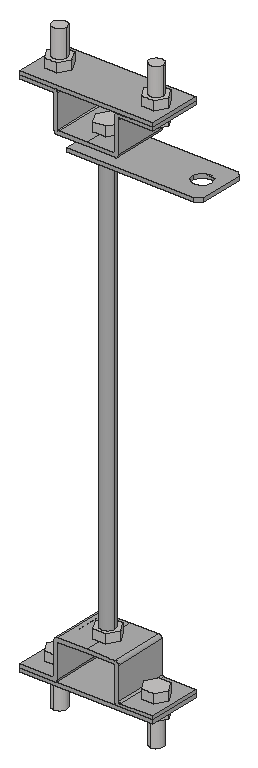
Revit family "FA_ТочкаЗаземления_EZETEK", category Системы пожарной сигнализации, Revit 2017
Family settings
  Сохранять ориентацию аннотаций = Нет
  Размер круглого соединителя = Использовать радиус
  Тип детали = Нормальный
  На основе рабочей плоскости = Нет
  Всегда вертикально = Да
  При загрузке вырезать с полостями = Нет
  Общий = Да
  Точка расчета площади = Нет
Parameters (values of type "ТочкаЗаземления_41515")
  Угол = 90.00°  # constant formula
  Сместить [instance] = yes
  Производитель_Контакты = "ezetek@ezetek.ru"  # constant formula
  Описание = "Точка заземления применяется для прохождения проводников уравнивания потенциалов сквозь стену из бетона, либо негорючего материала, стен фундаментов, стационарных бассейнов, а также для одновременного подключения арматуры здания к системе уравнивания потенциалов."  # constant formula
  Использовать масштаб аннотаций [instance] = 1 = 0  # 0
  Изготовитель = "Ezetek"  # constant formula
  Группа модели = "Коробки и шины уравнивания потенциалов"  # constant formula
  URL = "https://ezetek.ru/"
  ADSK_Этаж [instance] = ""
  ADSK_Примечание [instance] = ""
  ADSK_Позиция [instance] = ""
  ADSK_Обозначение = "41515"
  ADSK_Наименование краткое [instance] = "Точка заземления"
  ADSK_Наименование = "Точка заземления межстеновая 200-300 мм"
  ADSK_Материал = BIMLIB_Сталь_Оцинкованная_EZETEK
  ADSK_Масса_Текст = "0.36"  # constant formula
  ADSK_Масса = 0.36  # constant formula
  ADSK_Марка = "41515"
  ADSK_Количество = 1  # constant formula
  ADSK_Код изделия = "41515"
  ADSK_Завод-изготовитель = "Ezetek"  # constant formula
  ADSK_Единица измерения = "шт."  # constant formula
  ADSK_Группирование [instance] = ""
  ADSK_Версия Revit = "2017"  # constant formula
Reference planes
  plane 1 "По центру (Вперед/Назад)": y = 0
  plane 2: z = 0
  plane 3 "По центру (Влево/Вправо)": x = 0
  plane 4: z = 1
  plane 5: z = -1
  plane 6 "M": y = 0
  plane 7: x = 0
  plane 8: x = -36.875
  plane 9: x = 36.875
  plane 10: x = 26.938
  plane 11: x = -26.938
  plane 12: z = -299
  plane 13: y = 15
  plane 14: y = -15
  plane 15: z = -23.4
  plane 16: z = -319
  plane 17: z = 21
  plane 18: z = -28.4
  plane 19: z = -30.4
Forms (mm)
  Extrusion 1, solid, material "BIMLIB_Сталь_Оцинкованная_EZETEK" <- "ADSK_Материал", detail levels fine
    sketch origin (0, 0, 0) x (1, 0, 0) y (0, 1, 0)
      loop
        line (-36.875, 15) -> (-36.875, -15) -> (36.875, -15) -> (36.875, 15) -> (-36.875, 15)
    from 1 to -1
  Extrusion 2, solid, material "BIMLIB_Сталь_Нержавеющая_EZETEK", detail levels fine
    sketch origin (-67, 0, 0) x (-1, 0, 0) y (0, -1, 0)
      loop
        circle (-40.062, 0) r 3.9
    from 21 to 6
  Extrusion 3, solid, material "BIMLIB_Сталь_Нержавеющая_EZETEK", detail levels fine
    sketch origin (67, 0, 0) x (1, 0, 0) y (0, 1, 0)
      loop
        circle (-40.063, 0) r 3.9
    from 21 to 6
  Extrusion 4, solid, material "BIMLIB_Сталь_Оцинкованная_EZETEK" <- "ADSK_Материал", detail levels fine
    sketch origin (0, 0, 0) x (1, 0, 0) y (0, 1, 0)
      loop
        circle (0, 0) r 4.007
    from -28.4 to -269.6
  Extrusion 5, solid, material "BIMLIB_Сталь_Нержавеющая_EZETEK", detail levels fine
    sketch origin (0, 0, -2) x (1, 0, 0) y (0, 1, 0)
      loop
        line (-30.391, -5.982) -> (-23.484, -5.982) -> (-20.03, 0) -> (-23.484, 5.982) -> (-30.391, 5.982) -> (-33.845, 0) -> (-30.391, -5.982)
    from 3 to 8
  Extrusion 6, solid, material "BIMLIB_Сталь_Оцинкованная_EZETEK" <- "ADSK_Материал", detail levels fine
    sketch origin (0, 0, 0) x (1, 0, 0) y (0, 0, 1)
      loop
        arc (17.932, -3.924) -> (18.203, -3.271) -> (18.856, -3) r 0.924
        line (18.856, -3) -> (36.875, -3) -> (36.875, -1) -> (17.682, -1)
        arc (17.682, -1) -> (16.445, -1.513) -> (15.932, -2.75) r 1.75
        line (15.932, -2.75) -> (15.932, -20.827)
        arc (15.932, -20.827) -> (15.764, -21.232) -> (15.359, -21.4) r 0.573
        line (15.359, -21.4) -> (0, -21.4) -> (-15.359, -21.4)
        arc (-15.359, -21.4) -> (-15.764, -21.232) -> (-15.932, -20.827) r 0.573
        line (-15.932, -20.827) -> (-15.932, -2.75)
        arc (-15.932, -2.75) -> (-16.445, -1.513) -> (-17.682, -1) r 1.75
        line (-17.682, -1) -> (-36.875, -1) -> (-36.875, -3) -> (-18.856, -3)
        arc (-18.856, -3) -> (-18.203, -3.271) -> (-17.932, -3.924) r 0.924
        line (-17.932, -3.924) -> (-17.932, -21.536)
        arc (-17.932, -21.536) -> (-17.387, -22.854) -> (-16.069, -23.4) r 1.864
        line (-16.069, -23.4) -> (0, -23.4) -> (16.069, -23.4)
        arc (16.069, -23.4) -> (17.387, -22.854) -> (17.932, -21.536) r 1.864
        line (17.932, -21.536) -> (17.932, -3.924)
    from 15 to -15
  Extrusion 7, solid, material "BIMLIB_Сталь_Нержавеющая_EZETEK", detail levels fine
    sketch origin (0, 0, -2) x (-1, 0, 0) y (0, -1, 0)
      loop
        line (-30.391, 5.982) -> (-33.845, 0) -> (-30.391, -5.982) -> (-23.484, -5.982) -> (-20.03, 0) -> (-23.484, 5.982) -> (-30.391, 5.982)
    from 3 to 8
  Extrusion 8, solid, material "BIMLIB_Сталь_Нержавеющая_EZETEK", detail levels fine
    sketch origin (0, 0, -11) x (1, 0, 0) y (0, 1, 0)
      loop
        line (-30.391, -5.982) -> (-23.484, -5.982) -> (-20.03, 0) -> (-23.484, 5.982) -> (-30.391, 5.982) -> (-33.845, 0) -> (-30.391, -5.982)
    from 3 to 8
  Extrusion 9, solid, material "BIMLIB_Сталь_Нержавеющая_EZETEK", detail levels fine
    sketch origin (0, 0, -11) x (-1, 0, 0) y (0, -1, 0)
      loop
        line (-30.391, 5.982) -> (-33.845, 0) -> (-30.391, -5.982) -> (-23.484, -5.982) -> (-20.03, 0) -> (-23.484, 5.982) -> (-30.391, 5.982)
    from 3 to 8
  Extrusion 10, solid, material "BIMLIB_Сталь_Оцинкованная_EZETEK" <- "ADSK_Материал", detail levels fine
    sketch origin (0, 0, -298) x (0, -1, 0) y (1, 0, 0)
      loop
        line (-15, -36.875) -> (15, -36.875) -> (15, 36.875) -> (-15, 36.875) -> (-15, -36.875)
    from 1 to -1
  Extrusion 11, solid, material "BIMLIB_Сталь_Оцинкованная_EZETEK" <- "ADSK_Материал", detail levels fine
    sketch origin (0, 0, -298) x (1, 0, 0) y (0, 0, 1)
      loop
        line (17.932, 3.924) -> (17.932, 21.536)
        arc (17.932, 21.536) -> (17.387, 22.854) -> (16.069, 23.4) r 1.864
        line (16.069, 23.4) -> (0, 23.4) -> (-16.069, 23.4)
        arc (-16.069, 23.4) -> (-17.387, 22.854) -> (-17.932, 21.536) r 1.864
        line (-17.932, 21.536) -> (-17.932, 3.924)
        arc (-17.932, 3.924) -> (-18.203, 3.271) -> (-18.856, 3) r 0.924
        line (-18.856, 3) -> (-36.875, 3) -> (-36.875, 1) -> (-17.682, 1)
        arc (-17.682, 1) -> (-16.445, 1.513) -> (-15.932, 2.75) r 1.75
        line (-15.932, 2.75) -> (-15.932, 20.827)
        arc (-15.932, 20.827) -> (-15.764, 21.232) -> (-15.359, 21.4) r 0.573
        line (-15.359, 21.4) -> (0, 21.4) -> (15.359, 21.4)
        arc (15.359, 21.4) -> (15.764, 21.232) -> (15.932, 20.827) r 0.573
        line (15.932, 20.827) -> (15.932, 2.75)
        arc (15.932, 2.75) -> (16.445, 1.513) -> (17.682, 1) r 1.75
        line (17.682, 1) -> (36.875, 1) -> (36.875, 3) -> (18.856, 3)
        arc (18.856, 3) -> (18.203, 3.271) -> (17.932, 3.924) r 0.924
    from 15 to -15
  Extrusion 12, solid, material "BIMLIB_Сталь_Нержавеющая_EZETEK", detail levels fine
    sketch origin (26, 0, -254.1) x (0, -1, 0) y (1, 0, 0)
      loop
        line (-5.982, -29.454) -> (0, -32.907) -> (5.982, -29.454) -> (5.982, -22.546) -> (0, -19.093) -> (-5.982, -22.546) -> (-5.982, -29.454)
    from -20.5 to -15.5
  Extrusion 13, solid, material "BIMLIB_Сталь_Нержавеющая_EZETEK", detail levels fine
    sketch origin (26, 0, -254.1) x (0, -1, 0) y (1, 0, 0)
      loop
        line (-5.982, -29.454) -> (0, -32.907) -> (5.982, -29.454) -> (5.982, -22.546) -> (0, -19.093) -> (-5.982, -22.546) -> (-5.982, -29.454)
    from -27.5 to -22.5
  Extrusion 14, solid, material "BIMLIB_Сталь_Нержавеющая_EZETEK", detail levels fine
    sketch origin (0, 0, -307) x (0, -1, 0) y (1, 0, 0)
      loop
        line (5.982, -30.391) -> (5.982, -23.484) -> (0, -20.03) -> (-5.982, -23.484) -> (-5.982, -30.391) -> (0, -33.845) -> (5.982, -30.391)
    from 3 to 8
  Extrusion 15, solid, material "BIMLIB_Сталь_Нержавеющая_EZETEK", detail levels fine
    sketch origin (0, 0, -307) x (0, 1, 0) y (-1, 0, 0)
      loop
        line (-5.982, -30.391) -> (0, -33.845) -> (5.982, -30.391) -> (5.982, -23.484) -> (0, -20.03) -> (-5.982, -23.484) -> (-5.982, -30.391)
    from 3 to 8
  Extrusion 16, solid, material "BIMLIB_Сталь_Нержавеющая_EZETEK", detail levels fine
    sketch origin (0, 0, -298) x (0, -1, 0) y (1, 0, 0)
      loop
        line (5.982, -30.391) -> (5.982, -23.484) -> (0, -20.03) -> (-5.982, -23.484) -> (-5.982, -30.391) -> (0, -33.845) -> (5.982, -30.391)
    from 3 to 8
  Extrusion 17, solid, material "BIMLIB_Сталь_Нержавеющая_EZETEK", detail levels fine
    sketch origin (0, 0, -298) x (0, 1, 0) y (-1, 0, 0)
      loop
        line (-5.982, -30.391) -> (0, -33.845) -> (5.982, -30.391) -> (5.982, -23.484) -> (0, -20.03) -> (-5.982, -23.484) -> (-5.982, -30.391)
    from 3 to 8
  Extrusion 18, solid, material "BIMLIB_Сталь_Нержавеющая_EZETEK", detail levels fine
    sketch origin (-67, 0, -317) x (0, 1, 0) y (-1, 0, 0)
      loop
        circle (0, -40.062) r 3.9
    from 13 to -2
  Extrusion 19, solid, material "BIMLIB_Сталь_Нержавеющая_EZETEK", detail levels fine
    sketch origin (67, 0, -317) x (0, -1, 0) y (1, 0, 0)
      loop
        circle (0, -40.063) r 3.9
    from 13 to -2
  Extrusion 20, solid, material "BIMLIB_Сталь_Нержавеющая_EZETEK", detail levels fine
    sketch origin (26, 0, -0.9) x (1, 0, 0) y (0, 1, 0)
      loop
        line (-29.454, 5.982) -> (-32.907, 0) -> (-29.454, -5.982) -> (-22.546, -5.982) -> (-19.093, 0) -> (-22.546, 5.982) -> (-29.454, 5.982)
    from -20.5 to -15.5
  Extrusion 21, solid, material "BIMLIB_Сталь_Нержавеющая_EZETEK", detail levels fine
    sketch origin (26, 0, -0.9) x (1, 0, 0) y (0, 1, 0)
      loop
        line (-29.454, 5.982) -> (-32.907, 0) -> (-29.454, -5.982) -> (-22.546, -5.982) -> (-19.093, 0) -> (-22.546, 5.982) -> (-29.454, 5.982)
    from -27.5 to -22.5
  Extrusion 22, solid, material "BIMLIB_Сталь_Оцинкованная_EZETEK" <- "ADSK_Материал", detail levels fine
    sketch origin (0, 0, 0) x (1, 0, 0) y (0, 1, 0)
      loop
        line (-10.932, 15) -> (-10.932, -15) -> (60.085, -15) -> (63.068, -12.017) -> (63.068, 12.001) -> (60.068, 15) -> (-10.932, 15)
      loop
        circle (52.623, 0) r 5.3
    from -28.4 to -30.4
Dimensions and locks
  locked: plane 2 to plane 5 at 1
  locked: plane 4 to plane 2 at 1
  plane 4 to plane 5 = 2 mm
  plane 8 to plane 9 = 73.75 mm
  locked: plane 8 to plane 9 at 73.75
  equal spacing: plane 14, plane 1 "По центру (Вперед/Назад)", plane 13
  locked: plane 14 to plane 13 at 30
  equal spacing: plane 8, plane 3 "По центру (Влево/Вправо)", plane 9
  locked: plane 11 to plane 10 at 53.875
  equal spacing: plane 11, plane 3 "По центру (Влево/Вправо)", plane 10
  locked: plane 5 to plane 15 at 22.4
  plane 4 to plane 12 = 300 mm
  locked: plane 17 to plane 16 at 340
  Extrusion 11 to Extrusion 10 = 22.4 mm
  plane 11 to plane 10 = 53.875 mm
  locked: plane 15 to plane 18 at 5
  locked: plane 18 to plane 19 at 2
  diameter of Extrusion 2 = 7.8 mm
  diameter of Extrusion 3 = 7.8 mm
  diameter of Extrusion 4 sketch curve = 8.013 mm
  aligned and locked: level to plane 2
  aligned and locked: Extrusion 1 to plane 5
  aligned and locked: plane 4 to Extrusion 1
  aligned and locked: Extrusion 1 sketch curve to plane 8
  aligned and locked: Extrusion 1 sketch curve to plane 9
  aligned and locked: Extrusion 4 to Extrusion 12
  aligned and locked: plane 17 to Extrusion 2
  aligned and locked: Extrusion 3 to Extrusion 2
  aligned and locked: Extrusion 18 to plane 16
  aligned and locked: Extrusion 18 to Extrusion 19
  aligned and locked: Extrusion 22 to Extrusion 4
  aligned and locked: Extrusion 22 to plane 19
  aligned and locked: Extrusion 22 to Extrusion 21
Automatic sketch dimensions
  Extrusion 1 sketch curve to plane 14 = 0 mm
  plane 13 to Extrusion 1 sketch curve = 0 mm
  plane 1 "По центру (Вперед/Назад)" to Extrusion 2 sketch curve = 0 mm
  Extrusion 2 sketch curve to plane 11 = 0 mm
  plane 1 "По центру (Вперед/Назад)" to Extrusion 3 sketch curve = 0 mm
  Extrusion 3 sketch curve to plane 10 = 0 mm
  plane 1 "По центру (Вперед/Назад)" to Extrusion 4 sketch curve = 0 mm
  Extrusion 4 sketch curve to plane 3 "По центру (Влево/Вправо)" = 0 mm
  plane 1 "По центру (Вперед/Назад)" to Extrusion 5 sketch curve = 0 mm  (x2)
  Extrusion 5 sketch curve to plane 8 = 3.03 mm
  plane 11 to Extrusion 5 sketch curve = 3.454 mm  (x2)
  Extrusion 5 sketch curve to plane 11 = 3.454 mm  (x2)
  Extrusion 5 sketch curve to plane 11 = 6.907 mm
  plane 1 "По центру (Вперед/Назад)" to Extrusion 5 sketch curve = 5.982 mm
  Extrusion 5 sketch curve to plane 1 "По центру (Вперед/Назад)" = 5.982 mm
  plane 8 to Extrusion 6 sketch curve = 0 mm
  Extrusion 6 sketch curve to plane 5 = 0 mm  (x2)
  Extrusion 6 sketch curve to plane 15 = 0 mm
  Extrusion 6 sketch curve to plane 3 "По центру (Влево/Вправо)" = 0 mm  (x2)
  Extrusion 6 sketch curve to plane 9 = 0 mm
  Extrusion 6 sketch curve to plane 11 = 8.081 mm
  Extrusion 6 sketch curve to Extrusion 6 sketch curve = 0.924 mm  (x2)
  Extrusion 6 sketch curve to Extrusion 6 sketch curve = 1.174 mm  (x3)
  Extrusion 6 sketch curve to Extrusion 6 sketch curve = 1.864 mm  (x2)
  Extrusion 6 sketch curve to Extrusion 6 sketch curve = 0.136 mm  (x2)
  Extrusion 6 sketch curve to Extrusion 6 sketch curve = 0.573 mm  (x2)
  plane 15 to Extrusion 6 sketch curve = 2 mm
  Extrusion 6 sketch curve to plane 10 = 11.579 mm
  Extrusion 6 sketch curve to plane 5 = 1.75 mm
  plane 1 "По центру (Вперед/Назад)" to Extrusion 7 sketch curve = 0 mm  (x2)
  Extrusion 7 sketch curve to plane 9 = 3.03 mm
  plane 10 to Extrusion 7 sketch curve = 3.454 mm  (x2)
  Extrusion 7 sketch curve to plane 10 = 3.454 mm  (x2)
  Extrusion 7 sketch curve to Extrusion 7 sketch curve = 3.454 mm
  Extrusion 7 sketch curve to plane 1 "По центру (Вперед/Назад)" = 5.982 mm
  plane 1 "По центру (Вперед/Назад)" to Extrusion 7 sketch curve = 5.982 mm
  plane 1 "По центру (Вперед/Назад)" to Extrusion 8 sketch curve = 0 mm  (x2)
  Extrusion 8 sketch curve to plane 8 = 3.03 mm
  plane 11 to Extrusion 8 sketch curve = 3.454 mm  (x2)
  Extrusion 8 sketch curve to plane 11 = 3.454 mm  (x2)
  Extrusion 8 sketch curve to plane 11 = 6.907 mm
  plane 1 "По центру (Вперед/Назад)" to Extrusion 8 sketch curve = 5.982 mm
  Extrusion 8 sketch curve to plane 1 "По центру (Вперед/Назад)" = 5.982 mm
  plane 1 "По центру (Вперед/Назад)" to Extrusion 9 sketch curve = 0 mm  (x2)
  Extrusion 9 sketch curve to plane 9 = 3.03 mm
  plane 10 to Extrusion 9 sketch curve = 3.454 mm  (x2)
  Extrusion 9 sketch curve to plane 10 = 3.454 mm  (x2)
  Extrusion 9 sketch curve to Extrusion 9 sketch curve = 3.454 mm
  Extrusion 9 sketch curve to plane 1 "По центру (Вперед/Назад)" = 5.982 mm
  plane 1 "По центру (Вперед/Назад)" to Extrusion 9 sketch curve = 5.982 mm
  Extrusion 10 sketch curve to plane 9 = 0 mm
  plane 13 to Extrusion 10 sketch curve = 0 mm
  Extrusion 10 sketch curve to plane 8 = 0 mm
  Extrusion 10 sketch curve to plane 14 = 0 mm
  plane 8 to Extrusion 11 sketch curve = 0 mm
  Extrusion 11 sketch curve to plane 3 "По центру (Влево/Вправо)" = 0 mm  (x2)
  Extrusion 11 sketch curve to plane 9 = 0 mm
  plane 11 to Extrusion 11 sketch curve = 8.081 mm
  Extrusion 11 sketch curve to Extrusion 11 sketch curve = 0.924 mm  (x2)
  Extrusion 11 sketch curve to Extrusion 11 sketch curve = 1.174 mm  (x2)
  Extrusion 11 sketch curve to Extrusion 11 sketch curve = 1.864 mm  (x2)
  Extrusion 11 sketch curve to Extrusion 11 sketch curve = 0.136 mm  (x3)
  Extrusion 11 sketch curve to Extrusion 11 sketch curve = 0.573 mm  (x2)
  plane 10 to Extrusion 11 sketch curve = 11.579 mm
  Extrusion 11 sketch curve to Extrusion 11 sketch curve = 1.75 mm
  plane 12 to Extrusion 11 sketch curve = 24.4 mm
  plane 12 to Extrusion 11 sketch curve = 4.924 mm  (x2)
  Extrusion 11 sketch curve to Extrusion 11 sketch curve = 0.25 mm
  plane 1 "По центру (Вперед/Назад)" to Extrusion 12 sketch curve = 0 mm  (x2)
  Extrusion 12 sketch curve to plane 1 "По центру (Вперед/Назад)" = 5.982 mm
  plane 1 "По центру (Вперед/Назад)" to Extrusion 12 sketch curve = 5.982 mm
  Extrusion 12 sketch curve to plane 3 "По центру (Влево/Вправо)" = 6.907 mm
  Extrusion 12 sketch curve to plane 3 "По центру (Влево/Вправо)" = 3.454 mm  (x2)
  plane 3 "По центру (Влево/Вправо)" to Extrusion 12 sketch curve = 3.454 mm  (x2)
  Extrusion 12 sketch curve to Extrusion 12 sketch curve = 3.454 mm
  plane 1 "По центру (Вперед/Назад)" to Extrusion 13 sketch curve = 0 mm  (x2)
  Extrusion 13 sketch curve to plane 1 "По центру (Вперед/Назад)" = 5.982 mm
  plane 1 "По центру (Вперед/Назад)" to Extrusion 13 sketch curve = 5.982 mm
  Extrusion 13 sketch curve to plane 3 "По центру (Влево/Вправо)" = 6.907 mm
  Extrusion 13 sketch curve to plane 3 "По центру (Влево/Вправо)" = 3.454 mm  (x2)
  plane 3 "По центру (Влево/Вправо)" to Extrusion 13 sketch curve = 3.454 mm  (x2)
  Extrusion 13 sketch curve to Extrusion 13 sketch curve = 3.454 mm
  plane 1 "По центру (Вперед/Назад)" to Extrusion 14 sketch curve = 0 mm  (x2)
  Extrusion 14 sketch curve to plane 1 "По центру (Вперед/Назад)" = 5.982 mm
  plane 1 "По центру (Вперед/Назад)" to Extrusion 14 sketch curve = 5.982 mm
  Extrusion 14 sketch curve to plane 8 = 3.03 mm
  plane 11 to Extrusion 14 sketch curve = 3.454 mm  (x2)
  Extrusion 14 sketch curve to plane 11 = 3.454 mm  (x2)
  Extrusion 14 sketch curve to plane 11 = 6.907 mm
  plane 1 "По центру (Вперед/Назад)" to Extrusion 15 sketch curve = 0 mm  (x2)
  plane 1 "По центру (Вперед/Назад)" to Extrusion 15 sketch curve = 5.982 mm
  Extrusion 15 sketch curve to plane 1 "По центру (Вперед/Назад)" = 5.982 mm
  Extrusion 15 sketch curve to plane 9 = 3.03 mm
  plane 10 to Extrusion 15 sketch curve = 3.454 mm  (x2)
  Extrusion 15 sketch curve to plane 10 = 3.454 mm  (x2)
  Extrusion 15 sketch curve to Extrusion 15 sketch curve = 3.454 mm
  plane 1 "По центру (Вперед/Назад)" to Extrusion 16 sketch curve = 0 mm  (x2)
  Extrusion 16 sketch curve to plane 1 "По центру (Вперед/Назад)" = 5.982 mm
  plane 1 "По центру (Вперед/Назад)" to Extrusion 16 sketch curve = 5.982 mm
  Extrusion 16 sketch curve to plane 8 = 3.03 mm
  plane 11 to Extrusion 16 sketch curve = 3.454 mm  (x2)
  Extrusion 16 sketch curve to plane 11 = 3.454 mm  (x2)
  Extrusion 16 sketch curve to plane 11 = 6.907 mm
  plane 1 "По центру (Вперед/Назад)" to Extrusion 17 sketch curve = 0 mm  (x2)
  plane 1 "По центру (Вперед/Назад)" to Extrusion 17 sketch curve = 5.982 mm
  Extrusion 17 sketch curve to plane 1 "По центру (Вперед/Назад)" = 5.982 mm
  Extrusion 17 sketch curve to plane 9 = 3.03 mm
  plane 10 to Extrusion 17 sketch curve = 3.454 mm  (x2)
  Extrusion 17 sketch curve to plane 10 = 3.454 mm  (x2)
  Extrusion 17 sketch curve to Extrusion 17 sketch curve = 3.454 mm
  plane 1 "По центру (Вперед/Назад)" to Extrusion 18 sketch curve = 0 mm
  Extrusion 18 sketch curve to plane 11 = 0 mm
  plane 1 "По центру (Вперед/Назад)" to Extrusion 19 sketch curve = 0 mm
  Extrusion 19 sketch curve to plane 10 = 0 mm
  plane 1 "По центру (Вперед/Назад)" to Extrusion 20 sketch curve = 0 mm  (x2)
  Extrusion 20 sketch curve to plane 3 "По центру (Влево/Вправо)" = 6.907 mm
  Extrusion 20 sketch curve to plane 3 "По центру (Влево/Вправо)" = 3.454 mm  (x2)
  plane 3 "По центру (Влево/Вправо)" to Extrusion 20 sketch curve = 3.454 mm  (x2)
  Extrusion 20 sketch curve to Extrusion 20 sketch curve = 3.454 mm
  plane 1 "По центру (Вперед/Назад)" to Extrusion 20 sketch curve = 5.982 mm
  Extrusion 20 sketch curve to plane 1 "По центру (Вперед/Назад)" = 5.982 mm
  plane 1 "По центру (Вперед/Назад)" to Extrusion 21 sketch curve = 0 mm  (x2)
  Extrusion 21 sketch curve to plane 3 "По центру (Влево/Вправо)" = 6.907 mm
  Extrusion 21 sketch curve to plane 3 "По центру (Влево/Вправо)" = 3.454 mm  (x2)
  plane 3 "По центру (Влево/Вправо)" to Extrusion 21 sketch curve = 3.454 mm  (x2)
  Extrusion 21 sketch curve to Extrusion 21 sketch curve = 3.454 mm
  plane 1 "По центру (Вперед/Назад)" to Extrusion 21 sketch curve = 5.982 mm
  Extrusion 21 sketch curve to plane 1 "По центру (Вперед/Назад)" = 5.982 mm
  Extrusion 22 sketch curve to plane 14 = 0 mm
  plane 13 to Extrusion 22 sketch curve = 0 mm
  plane 1 "По центру (Вперед/Назад)" to Extrusion 22 sketch curve = 0 mm
  Extrusion 22 sketch curve to plane 3 "По центру (Влево/Вправо)" = 10.932 mm
  plane 9 to Extrusion 22 sketch curve = 15.748 mm
  Extrusion 22 sketch curve to Extrusion 22 sketch curve = 7.445 mm
  Extrusion 22 sketch curve to Extrusion 22 sketch curve = 7.462 mm
  plane 14 to Extrusion 22 sketch curve = 2.983 mm
  Extrusion 22 sketch curve to Extrusion 22 sketch curve = 2.983 mm
  plane 13 to Extrusion 22 sketch curve = 2.999 mm
  radius of Extrusion 2 sketch curve = 3.9 mm
  radius of Extrusion 3 sketch curve = 3.9 mm
  radius of Extrusion 18 sketch curve = 3.9 mm
  radius of Extrusion 19 sketch curve = 3.9 mm
  radius of Extrusion 22 sketch curve = 5.3 mm
